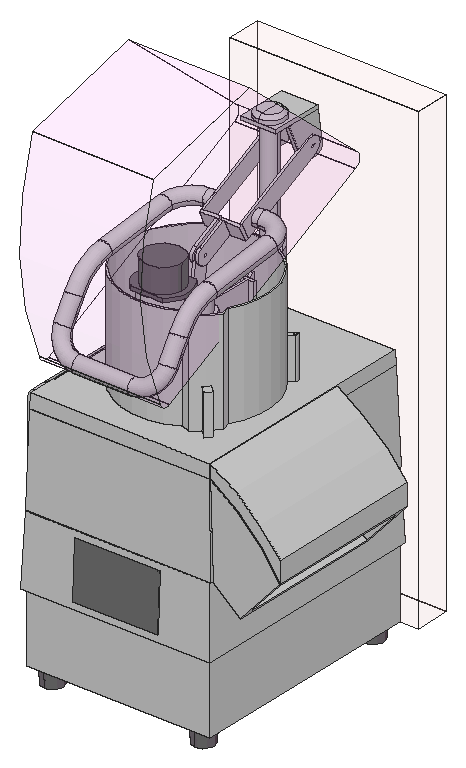
Revit family "Cortadora_CK-45V_1_GENERADO", category Equipos especializados, Revit 2020
Family settings
  Cota de conector redondo = Diámetro de uso
  Tipo de pieza = Normal
  Número OmniClass = 23.21.21.31.15
  Se basa en plano de trabajo = No
  Siempre vertical = Sí
  Corte con vacíos al cargar = No
  Compartido = No
  Punto de cálculo de habitación = No
Parameters (values of type "Combi vegetable prep.-cutter CK-45V 230/50-60/1 AUS")
  Width = 391 mm
  Weight in Pounds = 65.5
  Watts = 1500 W
  Volts = 230 V
  URL Cutsheet = "http://www.sammic.com/dl/454805/74d1e/ps-en-1050773-combi-ck-45v.pdf"
  URL = "https://www.sammic.com/model/1050773"
  Specification by Manufacturer = "It has a variable speed motor block, large-capacity head and 5.5-lt cutter bowl equipped with a rotor with micro-serrated blades.\n\"Brushless\" technology."
  Show Logo [instance] = yes
  Show Clearances [instance] = yes
  Revision Code = "1"
  Phase = 1
  Modelo = "1050773"
  Height = 652 mm
  HP = "2.01"
  Foodservice Equipment Identifier = yes
  Fabricante = "SAMMIC S.L."
  FL Amps = 10 A
  Elevación por defecto = 0 mm
  Descripción = "Combi vegetable prep.-cutter CK-45V 230/50-60/1 AUS"
  Depth = 400 mm
  Cycle = 50 Hz
  Conn Plug = "AU/NZ (AS 3112 10A / 2P)"
  Comentarios de tipo = "2 in 1: high capacity vegetable cutter (650 kg/h) + cutter with 5.5 litre bowl."
Types (5, lengths in mm): name | Watts | Volts | URL Cutsheet | URL | Phase | Modelo | HP | FL Amps | Descripción | Cycle | Conn Plug
  (no name) | 1500 W | 230 V | "http://www.sammic.com/dl/454805/74d1e/ps-en-1050773-combi-ck-45v.pdf" | "https://www.sammic.com/model/1050773" | 1 | "1050773" | "2.01" | 10 A | "Combi vegetable prep.-cutter CK-45V 230/50-60/1 AUS" | 50 Hz | "AU/NZ (AS 3112 10A / 2P)"
  Combi vegetable prep.-cutter CK-45V 230/50-60/1 | 1500 W | 230 V | "http://www.sammic.com/dl/454804/4cd8a/ps-en-1050769-combi-ck-45v.pdf" | "https://www.sammic.com/model/1050769" | 1 | "1050769" | "2.01" | 10 A | "Combi vegetable prep.-cutter CK-45V 230/50-60/1" | 50 Hz | "EU (SCHUKO 2P+G)"
  Combi vegetable prep.-cutter CK-45V 120/50-60/1 | 0 W | 120 V | "http://www.sammic.com/dl/453458/9d103/ps-en-1050770-combi-ck-45v.pdf" | "https://www.sammic.com/model/1050770" | 1 | "1050770" | "" | 15 A | "Combi vegetable prep.-cutter CK-45V 120/50-60/1" | 60 Hz | "USA (NEMA 5-15P / 2P+G)"
  Combi vegetable prep.-cutter CK-45V 230/50-60/1 AUS | 1500 W | 230 V | "http://www.sammic.com/dl/454805/74d1e/ps-en-1050773-combi-ck-45v.pdf" | "https://www.sammic.com/model/1050773" | 1 | "1050773" | "2.01" | 10 A | "Combi vegetable prep.-cutter CK-45V 230/50-60/1 AUS" | 50 Hz | "AU/NZ (AS 3112 10A / 2P)"
  Combi vegetable prep.-cutter CK-45V 230/50-60/1 KSA | 1500 W | 0 V | "http://www.sammic.com/dl/470305/aa83d/ps-en-1050762-ck-45v.pdf" | "https://www.sammic.com/model/1050762" | 0 | "1050762" | "2.01" | 0 A | "Combi vegetable prep.-cutter CK-45V 230/50-60/1 KSA" | 0 Hz | ""
Reference planes
  plane 1 "Centro (Frontal/Posterior)": y = 0
  plane 2: z = 0
  plane 3 "Centro (Izquierda/Derecha)": x = 0
  plane 4: x = 357.084
  plane 5: x = -19.1
  plane 6: y = 28.8
  plane 7: through (4267.2, -357.37, 435.938) normal (0, -0.4258, 0.9048)
Forms (mm)
  Extrusion 1, solid
    sketch origin (0, 0, 0) x (1, 0, 0) y (0, 1, 0)
      loop
        line (0, 0) -> (0, -336.5) -> (259.8, -336.5) -> (259.8, 0) -> (0, 0)
    from 21 to 120
  Revolve 2, solid
    sketch origin (23, 0, 0) x (0, 1, 0) y (0, 0, 1)
      loop
        line (-335, 21) -> (-333.5, 0) -> (-319, 0) -> (-319, 21) -> (-335, 21)
      axis (-319, 21) -> (-319, 0)
    angle from 0 to 360
  Revolve 3, solid
    sketch origin (236.8, 0, 0) x (0, 1, 0) y (0, 0, 1)
      loop
        line (-335, 21) -> (-333.5, 0) -> (-319, 0) -> (-319, 21) -> (-335, 21)
      axis (-319, 21) -> (-319, 0)
    angle from 0 to 360
  Revolve 4, solid
    sketch origin (236.8, 301.5, 0) x (0, 1, 0) y (0, 0, 1)
      loop
        line (-335, 21) -> (-333.5, 0) -> (-319, 0) -> (-319, 21) -> (-335, 21)
      axis (-319, 21) -> (-319, 0)
    angle from 0 to 360
  Revolve 5, solid
    sketch origin (23, 301.5, 0) x (0, 1, 0) y (0, 0, 1)
      loop
        line (-335, 21) -> (-333.5, 0) -> (-319, 0) -> (-319, 21) -> (-335, 21)
      axis (-319, 21) -> (-319, 0)
    angle from 0 to 360
  Extrusion 6, solid
    sketch origin (0, 0, 0) x (0, 1, 0) y (0, 0, 1)
      loop
        line (-337.559, 209.463) -> (-338.558, 209.506) -> (-341.99, 129.58) -> (-340.991, 129.537) -> (-337.559, 209.463)
    from 69.9 to 189.9
  Revolve 7, solid
    sketch origin (0, 0, 157) x (1, 0, 0) y (0, 1, 0)
      loop
        line (211.45, 2.8) -> (224.95, 2.8) -> (224.95, 28.8) -> (211.45, 28.8) -> (211.45, 2.8)
      axis (224.95, 28.8) -> (224.95, 2.8)
    angle from 0 to 360
  Extrusion 8, solid
    sketch origin (26.882, -11.283, 5.525) x (1, 0, 0) y (0, 1, 0)
      loop
        circle (103.652, -246.7) r 27.4
    from 510.225 to 549.225
  Extrusion 9, solid
    sketch origin (377.233, -154.331, 5.525) x (0, -1, 0) y (1, 0, 0)
      loop
        arc (74.652, -269.678) -> (103.652, -283.7) -> (132.652, -269.678) r 37
        line (132.652, -269.678) -> (132.652, -223.721)
        arc (132.652, -223.721) -> (103.652, -209.7) -> (74.652, -223.721) r 37
        line (74.652, -223.721) -> (74.652, -269.678)
      loop
        circle (103.652, -246.7) r 27.4
    from 510.225 to 515.225
  Extrusion 10, solid
    sketch origin (0, 0, 0) x (0, 1, 0) y (0, 0, 1)
      loop
        line (-184.25, 195) -> (-184.25, 219) -> (-214.25, 219) -> (-214.25, 195) -> (-211.25, 195) -> (-211.25, 216) -> (-187.25, 216) -> (-187.25, 195) -> (-184.25, 195)
    from -19.1 to -1.647
  Extrusion 11, solid
    sketch origin (0, 0, 0) x (0, 1, 0) y (0, 0, 1)
      loop
        line (-7.849, 596.091) -> (-15.249, 643.55) -> (-66.749, 643.55) -> (-43.086, 590.478)
        arc (-43.086, 590.478) -> (-39.397, 586.162) -> (-33.953, 584.55) r 10
        line (-33.953, 584.55) -> (-17.73, 584.55)
        arc (-17.73, 584.55) -> (-10.133, 588.046) -> (-7.849, 596.091) r 10
      loop
        circle (-28.249, 603.55) r 6.125
    from 150.534 to 155.534
  Extrusion 12, solid
    sketch origin (-45, 0, 0) x (0, 1, 0) y (0, 0, 1)
      loop
        line (-7.849, 596.091) -> (-15.249, 643.55) -> (-66.749, 643.55) -> (-43.086, 590.478)
        arc (-43.086, 590.478) -> (-39.397, 586.162) -> (-33.953, 584.55) r 10
        line (-33.953, 584.55) -> (-17.73, 584.55)
        arc (-17.73, 584.55) -> (-10.133, 588.046) -> (-7.849, 596.091) r 10
      loop
        circle (-28.249, 603.55) r 6.125
    from 150.534 to 155.534
  Extrusion 13, solid
    sketch origin (0, 0, 0) x (0, 1, 0) y (0, 0, 1)
      loop
        line (-88.249, 643.55) -> (-15.249, 643.55) -> (-15.249, 648.55) -> (-88.249, 648.55) -> (-88.249, 643.55)
    from 105.534 to 155.534
  Extrusion 14, solid
    sketch origin (0, 0, 0) x (1, 0, 0) y (0, 1, 0)
      loop
        circle (130.468, -67.749) r 17.5
    from 483.65 to 495.65
  Extrusion 15, solid
    sketch origin (0, 0, 0) x (1, 0, 0) y (0, 1, 0)
      loop
        circle (130.534, -67.749) r 11
    from 495.65 to 643.55
  Revolve 16, solid
    sketch origin (130.468, 0, 0) x (0, 1, 0) y (0, 0, 1)
      loop
        line (-67.749, 658.55) -> (-67.749, 648.55) -> (-47.749, 648.55) -> (-47.749, 653.55) -> (-52.749, 658.55) -> (-67.749, 658.55)
      axis (-67.749, 658.55) -> (-67.749, 648.55)
    angle from 0 to 360
  Extrusion 17, solid
    sketch origin (0, 0, 0) x (0, 1, 0) y (0, 0, 1)
      loop
        arc (-369.948, 444.226) -> (-363.793, 436.882) -> (-354.21, 436.903) r 11.305
        line (-354.21, 436.903) -> (-24.343, 592.126)
        arc (-24.343, 592.126) -> (-16.044, 600.706) -> (-19.741, 612.056) r 11.573
        line (-19.741, 612.056) -> (-211.539, 778.246) -> (-381.288, 735.859)
        arc (-381.288, 735.859) -> (-404.982, 588.901) -> (-369.948, 444.226) r 377.017
    from 45.047 to 216.86
  Extrusion 18, solid
    sketch origin (0, 0, 0) x (0, 1, 0) y (0, 0, 1)
      loop
        line (28.8, 658.55) -> (28.8, 0) -> (78.8, 0) -> (78.8, 658.55) -> (28.8, 658.55)
    from -4.15 to 263.95
Lines and regions (mm)
  symbolic lines, style "200-EquipBorder-2D"
    curve 1: line (238.45, 28.8, 0) -> (211.45, 28.8, 0)
    curve 2: line (211.45, 28.8, 0) -> (211.45, 4.9, 0)
    curve 3: line (211.45, 4.9, 0) -> (-4.15, 4.9, 0)
    curve 4: line (-4.15, 4.9, 0) -> (-4.15, -65.2, 0)
    curve 5: line (-4.15, -65.2, 0) -> (-17.689, -65.2, 0)
    curve 6: line (-17.689, -65.2, 0) -> (-17.689, -85.2, 0)
    curve 7: line (-17.689, -85.2, 0) -> (-4.15, -85.2, 0)
    curve 8: line (-4.15, -85.2, 0) -> (-4.15, -86.2, 0)
    curve 9: line (-4.15, -86.2, 0) -> (-17.689, -86.2, 0)
    curve 10: line (-17.689, -86.2, 0) -> (-17.689, -184.25, 0)
    curve 11: line (-17.689, -184.25, 0) -> (-19.1, -184.25, 0)
    curve 12: line (-19.1, -184.25, 0) -> (-19.1, -214.25, 0)
    curve 13: line (-19.1, -214.25, 0) -> (-17.658, -214.25, 0)
    curve 14: line (-17.658, -214.25, 0) -> (-17.658, -290.7, 0)
    curve 15: line (-17.658, -290.7, 0) -> (-4.15, -290.7, 0)
    curve 16: line (-4.15, -290.7, 0) -> (-4.15, -291.7, 0)
    curve 17: line (-4.15, -291.7, 0) -> (-17.689, -291.7, 0)
    curve 18: line (-17.689, -291.7, 0) -> (-17.689, -311.7, 0)
    curve 19: line (-17.689, -311.7, 0) -> (-4.15, -311.7, 0)
    curve 20: line (-4.15, -311.7, 0) -> (-4.15, -341.4, 0)
    curve 21: line (263.95, -341.4, 0) -> (263.95, -333.216, 0)
    curve 22: line (263.95, -333.216, 0) -> (357.084, -333.216, 0)
    curve 23: line (357.084, -333.216, 0) -> (357.084, -107.816, 0)
    curve 24: line (357.084, -107.816, 0) -> (263.95, -107.816, 0)
    curve 25: line (263.95, -107.816, 0) -> (263.95, 4.9, 0)
    curve 26: line (263.95, 4.9, 0) -> (238.45, 4.9, 0)
    curve 27: line (238.45, 4.9, 0) -> (238.45, 28.8, 0)
    curve 28: line (-4.15, -341.4, 0) -> (45.039, -341.4, 0)
    curve 29: line (263.95, -341.4, 0) -> (216.037, -341.4, 0)
    curve 30: line (90.534, -369.948, 0) -> (170.534, -369.948, 0)
    curve 31: line (45.039, -341.4, 0) -> (58.437, -361.948, 0)
    curve 32: line (58.437, -361.948, 0) -> (90.534, -369.948, 0)
    curve 33: line (216.037, -341.4, 0) -> (170.534, -369.948, 0)
  model lines, style "QF-Door-Drawer_Clearances"
    curve 34: line (45.047, -405.267, 0) -> (216.86, -405.267, 0)
  symbolic lines, style "QF-Clearances"
    curve 35: line (-4.15, 78.8, 0) -> (263.95, 78.8, 0)
Dimensions and locks
  aligned and locked: level to plane 2
Nested families
  nested 1: "Carcasa_CK-35" at (-4.15, 4.9, 0), type "Carcasa_CK-35"
    with Show Logo yes, Show Clearances yes
  nested 2: "CK-35_Cortadora_Entrada" at (0, 0, 0), type "CK-35_Cortadora_Entrada"
    with Show Logo yes, Show Clearances yes
  nested 3: "CA-401_Cortadora_Entrada_Tapa" at (0, 0, 0), type "CA-401_Cortadora_Entrada_Tapa"
    with Show Logo yes, Show Clearances yes
  nested 4: "CA-401_Cortadora_Pisador" at (0, 0, 0), type "CA-401_Cortadora_Pisador"
    with Show Logo yes, Show Clearances yes
  nested 5: "CA-401_Cortadora_Palanca" at (130.534, -209.849, 11.171), type "CA-401_Cortadora_Palanca"
    with Show Logo yes, Show Clearances yes
Connectors
  electrical at (224.95, 2.8, 157)
    settings: on Revolve 7, index 1, voltage 230 V, apparent load 0 VA, apparent load phase1 0 VA, apparent load phase2 0 VA, apparent load phase3 0 VA, power factor 1, load classification "Otro", number of poles 1, system type 31, power factor state 1, is connector primary yes, connector utility no, sub classification motor no, connector description "Conexion electrica"
Definition of nested family "Carcasa_CK-35"
  Parameters
    Show Logo [instance] = yes
    Show Clearances [instance] = yes
    Default Elevation = 0 mm
  Reference planes
    plane 1 "Centro (Frontal/Posterior)": y = 0
    plane 2: z = 0
    plane 3 "Centro (Izquierda/Derecha)": x = 0
    plane 4: x = 134.05
  Forms (mm)
    Extrusion 1, solid
      sketch origin (0, 0, 0) x (1, 0, 0) y (0, 1, 0)
        loop
          line (0, 0) -> (0, -346.3) -> (268.1, -346.3) -> (268.1, 0) -> (0, 0)
      from 120 to 219
    Extrusion 2, void
      sketch origin (0, 0, 0) x (0, 1, 0) y (0, 0, 1)
        loop
          line (-347.3, 120) -> (-346.3, 120) -> (-342.05, 219) -> (-342.05, 220) -> (-347.3, 220) -> (-347.3, 120)
        loop
          line (0, 120) -> (1, 120) -> (1, 220) -> (-4.25, 220) -> (-4.25, 219) -> (0, 120)
      from 0 to 268.1
    Extrusion 3, void
      sketch origin (0, 0, 0) x (1, 0, 0) y (0, 0, 1)
        loop
          line (-1, 120) -> (0, 120) -> (3.55, 219) -> (3.55, 220) -> (-1, 220) -> (-1, 120)
        loop
          line (268.1, 120) -> (269.1, 120) -> (269.1, 220) -> (264.55, 220) -> (264.55, 219) -> (268.1, 120)
      from 0 to 347.3
    Extrusion 4, solid
      sketch origin (0, 0, 0) x (1, 0, 0) y (0, 1, 0)
        loop
          circle (134.05, -204.15) r 97
      from 219 to 231.5
  Cuts and joins
    Extrusion 2, Extrusion 3 cuts Extrusion 1
  Dimensions and locks
    aligned and locked: level to plane 2
Definition of nested family "CK-35_Cortadora_Entrada"
  Parameters
    Show Logo [instance] = yes
    Show Clearances [instance] = yes
    Default Elevation = 0 mm
  Reference planes
    plane 1 "Centro (Frontal/Posterior)": y = 0
    plane 2: z = 0
    plane 3 "Centro (Izquierda/Derecha)": x = 0
    plane 4: z = 219
  Forms (mm)
    Extrusion 1, solid
      sketch origin (0, 0, 0) x (1, 0, 0) y (0, 1, 0)
        loop
          line (-1.6, 0.5) -> (-1.6, -337) -> (261.4, -337) -> (261.4, 0.5) -> (-1.6, 0.5)
      from 219 to 348
    Extrusion 2, void
      sketch origin (0, 0, 0) x (1, 0, 0) y (0, 0, 1)
        loop
          line (2.9, 367.3) -> (2.9, 368.3) -> (-2.6, 368.3) -> (-2.6, 218) -> (-1.6, 218) -> (-1.6, 219) -> (2.9, 367.3)
        loop
          line (256.9, 368.3) -> (256.9, 367.3) -> (261.4, 219) -> (261.4, 218) -> (262.4, 218) -> (262.4, 368.3) -> (256.9, 368.3)
      from 0 to 337
    Extrusion 3, void
      sketch origin (0, 0, 0) x (0, 1, 0) y (0, 0, 1)
        loop
          line (-332.65, 367.3) -> (-332.65, 368.3) -> (-338, 368.3) -> (-338, 218) -> (-337, 218) -> (-337, 219) -> (-332.65, 367.3)
        loop
          line (-3.85, 367.3) -> (0, 219) -> (0, 218) -> (1.5, 218) -> (1.5, 368.3) -> (-3.85, 368.3) -> (-3.85, 367.3)
      from -1.6 to 261.4
    Extrusion 4, solid
      sketch origin (0, 0, 0) x (1, 0, 0) y (0, 0, 1)
        loop
          line (261.4, 219) -> (301, 185.8) -> (357.084, 248.401)
          arc (357.084, 248.401) -> (313.501, 304.417) -> (257.486, 348) r 286.5
          line (257.486, 348) -> (261.4, 219)
      from 107.816 to 333.216
    Extrusion 5, void
      sketch origin (0, 0, 0) x (1, 0, 0) y (0, 0, 1)
        loop
          line (262.77, 338.706) -> (266.33, 221.392) -> (308.172, 186.312) -> (356.653, 240.426)
          arc (356.653, 240.426) -> (315.239, 294.846) -> (262.77, 338.706) r 305.9
      from 112.816 to 328.216
    Extrusion 6, solid
      sketch origin (0, 0, 0) x (1, 0, 0) y (0, 0, 1)
        loop
          line (-0.426, 257.7) -> (2.314, 348)
          arc (2.314, 348) -> (-7.687, 358.002) -> (-17.689, 348) r 10.002
          line (-17.689, 348) -> (-17.689, 282.8) -> (-0.426, 257.7)
        loop
          circle (-7.687, 348) r 5
      from 291.7 to 311.7
    Extrusion 7, solid
      sketch origin (0, 231.5, 0) x (1, 0, 0) y (0, 0, 1)
        loop
          line (-0.426, 257.7) -> (2.314, 348)
          arc (2.314, 348) -> (-7.687, 358.002) -> (-17.689, 348) r 10.002
          line (-17.689, 348) -> (-17.689, 282.8) -> (-0.426, 257.7)
        loop
          circle (-7.687, 348) r 5
      from 296.7 to 316.7
  Cuts and joins
    Extrusion 2, Extrusion 3 cuts Extrusion 1
    Extrusion 5 cuts Extrusion 4
  Dimensions and locks
    aligned and locked: level to plane 2
Definition of nested family "CA-401_Cortadora_Entrada_Tapa"
  Parameters
    Show Logo [instance] = yes
    Show Clearances [instance] = yes
    Default Elevation = 0 mm
  Reference planes
    plane 1 "Centro (Frontal/Posterior)": y = 0
    plane 2: z = 0
    plane 3 "Centro (Izquierda/Derecha)": x = 0
    plane 4: z = 348
    plane 5: y = -198.591
    plane 6: x = 130.468
  Forms (mm)
    Extrusion 1, solid
      sketch origin (0, 0, 0) x (1, 0, 0) y (0, 1, 0)
        loop
          line (-1.6, 0.5) -> (-1.6, -337) -> (261.4, -337) -> (261.4, 0.5) -> (-1.6, 0.5)
      from 348 to 367.3
    Extrusion 2, void
      sketch origin (0, 0, 0) x (1, 0, 0) y (0, 0, 1)
        loop
          line (2.9, 367.3) -> (2.9, 368.3) -> (-2.6, 368.3) -> (-2.6, 218) -> (-1.6, 218) -> (-1.6, 219) -> (2.9, 367.3)
        loop
          line (256.9, 368.3) -> (256.9, 367.3) -> (261.4, 219) -> (261.4, 218) -> (262.4, 218) -> (262.4, 368.3) -> (256.9, 368.3)
      from 0 to 337
    Extrusion 3, void
      sketch origin (0, 0, 0) x (0, 1, 0) y (0, 0, 1)
        loop
          line (-332.65, 367.3) -> (-332.65, 368.3) -> (-338, 368.3) -> (-338, 348) -> (-337, 348) -> (-337, 219) -> (-332.65, 367.3)
        loop
          line (-3.85, 367.3) -> (0, 219) -> (0, 218) -> (1.5, 218) -> (1.5, 368.3) -> (-3.85, 368.3) -> (-3.85, 367.3)
      from -1.6 to 261.4
    Extrusion 4, solid
      sketch origin (0, 0, 0) x (1, 0, 0) y (0, 0, 1)
        loop
          line (256.9, 367.3) -> (257.486, 348)
          arc (257.486, 348) -> (313.501, 304.417) -> (357.084, 248.401) r 286.5
          line (357.084, 248.401) -> (357.084, 278.8)
          arc (357.084, 278.8) -> (311.937, 328.648) -> (256.9, 367.3) r 302.8
      from 107.816 to 332.65
    Extrusion 5, solid
      sketch origin (0, 0, 0) x (1, 0, 0) y (0, 0, 1)
        loop
          line (2.9, 367.3) -> (-13.313, 356.269)
          arc (-13.313, 356.269) -> (-12.365, 339.16) -> (2.314, 348) r 10.002
          line (2.314, 348) -> (2.9, 367.3)
        loop
          circle (-7.687, 348) r 5
      from 86.2 to 290.7
    Extrusion 6, solid
      sketch origin (0, 0, 0) x (1, 0, 0) y (0, 1, 0)
        loop
          arc (191.103, -287.292) -> (205.777, -275.226) -> (218.097, -260.765) r 107.445
          line (218.097, -260.765) -> (215.183, -249.496)
          arc (215.183, -249.496) -> (61.195, -128.099) -> (179.886, -284.181) r 98.832
          line (179.886, -284.181) -> (191.103, -287.292)
        loop
          arc (216.86, -249.939) -> (60.026, -126.909) -> (180.301, -285.866) r 100.5
          line (180.301, -285.866) -> (192.689, -289.302)
          arc (192.689, -289.302) -> (207.568, -277.049) -> (220.079, -262.387) r 110
          line (220.079, -262.387) -> (216.86, -249.939)
      from 367.3 to 513.684
    Extrusion 7, solid
      sketch origin (0, 0, 0) x (1, 0, 0) y (0, 1, 0)
        loop
          circle (130.468, -67.749) r 12.1
        loop
          line (126.449, -84.346) -> (126.449, -98.171)
          arc (126.449, -98.171) -> (130.468, -98.091) -> (134.486, -98.171) r 100.5
          line (134.486, -98.171) -> (134.486, -84.346)
          arc (134.486, -84.346) -> (130.468, -50.673) -> (126.449, -84.346) r 17.076
        loop
          circle (211.568, -124.276) r 2.009
        loop
          line (208.848, -121.308) -> (201.785, -127.78)
          arc (201.785, -127.78) -> (204.564, -130.694) -> (207.225, -133.717) r 100.5
          line (207.225, -133.717) -> (214.288, -127.244)
          arc (214.288, -127.244) -> (214.536, -121.556) -> (208.848, -121.308) r 4.026
        loop
          line (214.656, -291.323) -> (221.848, -284.131) -> (211.115, -273.398)
          arc (211.115, -273.398) -> (207.57, -277.046) -> (203.86, -280.527) r 110
          line (203.86, -280.527) -> (214.656, -291.323)
      from 367.3 to 424.3
  Cuts and joins
    Extrusion 2, Extrusion 3 cuts Extrusion 1
  Dimensions and locks
    aligned and locked: level to plane 2
Definition of nested family "CA-401_Cortadora_Pisador"
  Parameters
    Show Logo [instance] = yes
    Show Clearances [instance] = yes
    Default Elevation = 0 mm
  Reference planes
    plane 1 "Centro (Frontal/Posterior)": y = 0
    plane 2: z = 0
    plane 3 "Centro (Izquierda/Derecha)": x = 0
  Forms (mm)
    Extrusion 1, solid
      sketch origin (0, 0, 0) x (1, 0, 0) y (0, 1, 0)
        loop
          arc (146.25, -220.283) -> (148.839, -218.139) -> (151.14, -215.687) r 26.826
          arc (151.14, -215.687) -> (154.034, -214.24) -> (157.051, -215.408) r 4
          line (157.051, -215.408) -> (201.569, -259.925)
          arc (201.569, -259.925) -> (64.747, -131.524) -> (190.349, -270.92) r 93.9
          line (190.349, -270.92) -> (161.416, -241.988)
          arc (161.416, -241.988) -> (155.088, -233.321) -> (146.421, -226.993) r 34.818
          line (146.421, -226.993) -> (145.775, -226.346)
          arc (145.775, -226.346) -> (144.615, -223.205) -> (146.25, -220.283) r 4
        loop
          circle (130.52, -257.976) r 27.619
      from 367.3 to 375.3
    Extrusion 2, solid
      sketch origin (0, 0, 0) x (1, 0, 0) y (0, 1, 0)
        loop
          circle (130.52, -257.976) r 27.603
        loop
          circle (130.534, -257.94) r 30.298
      from 380.15 to 515.75
    Extrusion 3, solid
      sketch origin (0, 0, 0) x (1, 0, 0) y (0, 1, 0)
        loop
          arc (129.004, -174.026) -> (130.468, -223.2) -> (131.932, -174.026) r 24.609
          line (131.932, -174.026) -> (131.932, -108.629) -> (139.817, -108.629) -> (139.817, -105.143)
          arc (139.817, -105.143) -> (130.467, -104.691) -> (121.118, -105.173) r 93.859
          line (121.118, -105.173) -> (121.118, -108.629) -> (129.004, -108.629) -> (129.004, -174.026)
      from 380.15 to 459.15
    Extrusion 4, solid
      sketch origin (0, 0, 0) x (1, 0, 0) y (0, 1, 0)
        loop
          arc (201.702, -259.993) -> (64.757, -131.545) -> (190.45, -271.022) r 93.961
          line (190.45, -271.022) -> (161.416, -241.988)
          arc (161.416, -241.988) -> (155.088, -233.321) -> (146.421, -226.993) r 34.818
          line (146.421, -226.993) -> (145.773, -226.345)
          arc (145.773, -226.345) -> (144.614, -223.203) -> (146.251, -220.28) r 4
          arc (146.251, -220.28) -> (148.855, -218.124) -> (151.167, -215.656) r 26.743
          arc (151.167, -215.656) -> (154.061, -214.205) -> (157.081, -215.372) r 4
          line (157.081, -215.372) -> (201.702, -259.993)
        loop
          circle (130.52, -257.976) r 27.603
        loop
          circle (130.407, -257.983) r 30.432
        loop
          arc (144.983, -218.571) -> (147.392, -216.576) -> (149.529, -214.293) r 24.7
          arc (149.529, -214.293) -> (153.871, -212.115) -> (158.403, -213.865) r 6
          line (158.403, -213.865) -> (201.771, -257.233)
          arc (201.771, -257.233) -> (216.489, -232.097) -> (222.634, -203.625) r 92.237
          line (222.634, -203.625) -> (209.099, -203.625) -> (209.099, -193.557) -> (222.628, -193.557)
          arc (222.628, -193.557) -> (204.155, -143.081) -> (160.679, -111.474) r 92.237
          line (160.679, -111.474) -> (144.728, -111.474) -> (139.817, -108.629) -> (121.118, -108.629) -> (116.208, -111.474) -> (100.386, -111.474)
          arc (100.386, -111.474) -> (56.91, -143.08) -> (38.436, -193.557) r 92.237
          line (38.436, -193.557) -> (51.837, -193.557) -> (51.837, -203.625) -> (38.43, -203.625)
          arc (38.43, -203.625) -> (92.55, -282.698) -> (187.66, -271.06) r 92.237
          line (187.66, -271.06) -> (163.484, -246.884) -> (159.568, -242.968)
          arc (159.568, -242.968) -> (153.6, -234.79) -> (145.421, -228.821) r 32.8
          line (145.421, -228.821) -> (144.267, -227.668)
          arc (144.267, -227.668) -> (142.528, -222.954) -> (144.983, -218.571) r 6
      from 375.3 to 380.15
    Extrusion 5, solid
      sketch origin (0, 0, 225) x (1, 0, 0) y (0, 1, 0)
        loop
          circle (130.468, -67.749) r 12.1
        loop
          circle (130.468, -67.749) r 17.076
      from 199.3 to 258.65
    Extrusion 6, solid
      sketch origin (0, 0, 0) x (1, 0, 0) y (0, 0, 1)
        loop
          line (51.837, 380.15) -> (51.837, 375.3) -> (105.859, 375.3) -> (105.859, 401.3) -> (51.837, 380.15)
        loop
          line (155.077, 401.3) -> (155.077, 375.3) -> (209.099, 375.3) -> (209.099, 380.15) -> (155.077, 401.3)
      from 196.083 to 201.091
    Extrusion 7, solid
      sketch origin (0, 0, 0) x (0, 1, 0) y (0, 0, 1)
        loop
          line (-84.826, 483.65) -> (-104.656, 459.15) -> (-104.656, 424.3) -> (-84.826, 424.3) -> (-84.826, 483.65)
      from 127.968 to 132.968
    Revolve 8, solid
      sketch origin (130.468, 0, 0) x (0, 1, 0) y (0, 0, 1)
        loop
          line (-217.613, 459.15) -> (-198.613, 459.15) -> (-198.613, 483.65) -> (-213.113, 483.65) -> (-213.113, 478.65) -> (-217.613, 478.65) -> (-217.613, 459.15)
        axis (-198.613, 483.65) -> (-198.613, 459.15)
      angle from 0 to 360
    Extrusion 9, void
      sketch origin (130.468, 0, 459.15) x (1, 0, 0) y (0, 1, 0)
        loop
          line (-2.4, -213.313) -> (2.4, -213.313) -> (2.4, -183.913) -> (-2.4, -183.913) -> (-2.4, -213.313)
      from 19.5 to 25
  Cuts and joins
    Extrusion 9 cuts Revolve 8
  Dimensions and locks
    aligned and locked: level to plane 2
Definition of nested family "CA-401_Cortadora_Palanca"
  Parameters
    Show Logo [instance] = yes
    Show Clearances [instance] = yes
    Default Elevation = 0 mm
  Reference planes
    plane 1 "Centro (Frontal/Posterior)": y = 0
    plane 2: z = 0
    plane 3 "Centro (Izquierda/Derecha)": x = 0
  Forms (mm)
    Sweep 1, solid
      path origin (0, -112.778, 496.845) x (1, 0, 0) y (0, 0.510843, 0.859674)
        loop
          line (-74.5, 0) -> (-74.5, -36.14)
          arc (-74.5, -36.14) -> (-64.249, -60.889) -> (-39.5, -71.14) r 35
          line (-39.5, -71.14) -> (39.5, -71.14)
          arc (39.5, -71.14) -> (64.249, -60.889) -> (74.5, -36.14) r 35
          line (74.5, -36.14) -> (74.5, 0)
      profile origin (-74.5, -122.009, 481.31) x (1, 0, 0) y (0, -0.859674, 0.510843)
        loop
          circle (0, 0) r 11
    Sweep 2, solid
      path origin (0, -59.918, 530.702) x (1, 0, 0) y (0, 0.994522, 0.104528)
        loop
          line (-74.5, 0) -> (-74.5, 107.8)
          arc (-74.5, 107.8) -> (-64.249, 132.549) -> (-39.5, 142.8) r 35
          line (-39.5, 142.8) -> (-29, 142.8)
      profile origin (-74.5, -6.313, 536.336) x (-1, 0, 0) y (0, -0.104528, 0.994522)
        loop
          circle (0, 0) r 11
    Sweep 3, solid
      path origin (0, -59.918, 530.702) x (1, 0, 0) y (0, 0.994522, 0.104528)
        loop
          line (74.5, 0) -> (74.5, 107.8)
          arc (74.5, 107.8) -> (64.249, 132.549) -> (39.5, 142.8) r 35
          line (39.5, 142.8) -> (29, 142.8)
      profile origin (74.5, -6.313, 536.336) x (-1, 0, 0) y (0, -0.104528, 0.994522)
        loop
          circle (0, 0) r 11
    Sweep 4, solid
      path origin (0, -90.356, 520.031) x (0, 0.842076, 0.539359) y (0, -0.539359, 0.842076)
        loop
          arc (31.387, -7.431) -> (0, 0) -> (-31.387, -7.431) r 70
      profile origin (0, -90.356, 520.031) x (0, 0.539359, -0.842076) y (1, 0, 0)
        loop
          circle (0, 74.5) r 11
    Sweep 5, solid
      path origin (-149, -90.356, 520.031) x (0, 0.842076, 0.539359) y (0, -0.539359, 0.842076)
        loop
          arc (31.387, -7.431) -> (0, 0) -> (-31.387, -7.431) r 70
      profile origin (-149, -90.356, 520.031) x (0, 0.539359, -0.842076) y (1, 0, 0)
        loop
          circle (0, 74.5) r 11
    Extrusion 6, solid
      sketch origin (0, -575.044, 554.813) x (0, 0.165564, 0.986199) y (0, -0.986199, 0.165564)
        loop
          line (10, -602.379) -> (60, -602.379)
          arc (60, -602.379) -> (70, -592.379) -> (60, -582.379) r 10
          line (60, -582.379) -> (10, -582.379)
          arc (10, -582.379) -> (0, -592.379) -> (10, -602.379) r 10
        loop
          circle (10, -592.379) r 3
        loop
          circle (60, -592.379) r 5
      from -2 to 2
    Extrusion 7, solid
      sketch origin (0, -68.813, 1129.231) x (1, 0, 0) y (0, -0.904827, -0.425779)
        loop
          line (-29, 138.7) -> (-29, 134.7) -> (-2, 134.7) -> (-2, 138.7) -> (-29, 138.7)
      from 580.379 to 604.379
    Extrusion 8, solid
      sketch origin (31, -68.813, 1129.231) x (1, 0, 0) y (0, -0.904827, -0.425779)
        loop
          line (-29, 138.7) -> (-29, 134.7) -> (-2, 134.7) -> (-2, 138.7) -> (-29, 138.7)
      from 580.379 to 604.379
    Extrusion 9, solid
      sketch origin (31, -68.813, 1129.231) x (0, -0.904827, -0.425779) y (0, 0.425779, -0.904827)
        loop
          line (138.7, 604.379) -> (138.7, 580.379) -> (181.6, 580.379)
          arc (181.6, 580.379) -> (193.6, 592.379) -> (181.6, 604.379) r 12
          line (181.6, 604.379) -> (138.7, 604.379)
        loop
          circle (181.6, 592.379) r 3
      from -29 to -25
    Extrusion 10, solid
      sketch origin (23, -68.813, 1129.231) x (0, -0.904827, -0.425779) y (0, 0.425779, -0.904827)
        loop
          line (138.7, 604.379) -> (138.7, 580.379) -> (181.6, 580.379)
          arc (181.6, 580.379) -> (193.6, 592.379) -> (181.6, 604.379) r 12
          line (181.6, 604.379) -> (138.7, 604.379)
        loop
          circle (181.6, 592.379) r 3
      from -29 to -25
    Extrusion 11, solid
      sketch origin (31, -68.813, 1129.231) x (0, -0.904827, -0.425779) y (0, 0.425779, -0.904827)
        loop
          line (134.7, 604.379) -> (2, 604.379)
          arc (2, 604.379) -> (-10, 592.379) -> (2, 580.379) r 12
          line (2, 580.379) -> (134.7, 580.379) -> (134.7, 604.379)
        loop
          circle (2, 592.379) r 3
      from -6 to -2
    Extrusion 12, solid
      sketch origin (-23, -68.813, 1129.231) x (0, -0.904827, -0.425779) y (0, 0.425779, -0.904827)
        loop
          line (134.7, 604.379) -> (2, 604.379)
          arc (2, 604.379) -> (-10, 592.379) -> (2, 580.379) r 12
          line (2, 580.379) -> (134.7, 580.379) -> (134.7, 604.379)
        loop
          circle (2, 592.379) r 3
      from -6 to -2
  Dimensions and locks
    aligned and locked: level to plane 2
